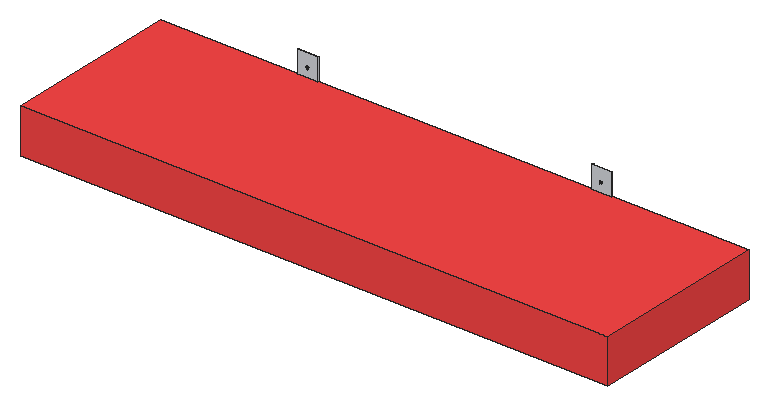
Revit family "VFB_VFB Plus 256-450mm", category Specialty Equipment, Revit 2015
Parameters (values of type "VFB Plus 300.0 x 75.0 x 1000mm")
  Youtube Clip = "https://www.youtube.com/watch?v=VjsuebgyjI8&vl=en-GB"
  Width = 300 mm
  URL = "https://www.tenmat.com/passive-fire-protection/"
  Tenmat Item Number = "I102MP30000075100000"
  Seal Type = "VFB Plus 344"
  Performance = "BS EN 1366-3:2009 & BS 476, ETA-12/0332, 1224-CPR-0341, CE Marked"
  Material/Grade = "Firefly 102"
  Manufacturer = "Tenmat ltd"
  Length = 1000 mm
  IFC Classification = "Building Element Proxy"
  Description = "Firefly 102 Ventilated Fire Barrier"
  Depth = 75 mm
Types (194, lengths in mm): name | Width | Tenmat Item Number | Seal Type
  VFB Plus 256.0 x 75.0 x 1000mm | 256 | "I102MP25600075100000" | "VFB Plus 300"
  VFB Plus 257.0 x 75.0 x 1000mm | 257 | "I102MP25700075100000" | "VFB Plus 301"
  VFB Plus 258.0 x 75.0 x 1000mm | 258 | "I102MP25800075100000" | "VFB Plus 302"
  VFB Plus 259.0 x 75.0 x 1000mm | 259 | "I102MP25900075100000" | "VFB Plus 303"
  VFB Plus 260.0 x 75.0 x 1000mm | 260 | "I102MP26000075100000" | "VFB Plus 304"
  VFB Plus 261.0 x 75.0 x 1000mm | 261 | "I102MP26100075100000" | "VFB Plus 305"
  VFB Plus 262.0 x 75.0 x 1000mm | 262 | "I102MP07500075100000\r\nI102MP26200075100000" | "VFB Plus 306"
  VFB Plus 263.0 x 75.0 x 1000mm | 263 | "I102MP26300075100000" | "VFB Plus 307"
  VFB Plus 264.0 x 75.0 x 1000mm | 264 | "I102MP26400075100000" | "VFB Plus 308"
  VFB Plus 265.0 x 75.0 x 1000mm | 265 | "I102MP26500075100000" | "VFB Plus 309"
  VFB Plus 266.0 x 75.0 x 1000mm | 266 | "I102MP26600075100000" | "VFB Plus 310"
  VFB Plus 267.0 x 75.0 x 1000mm | 267 | "I102MP26700075100000\r\nI102MP01600075100000" | "VFB Plus 311"
  VFB Plus 268.0 x 75.0 x 1000mm | 268 | "I102MP26800075100000" | "VFB Plus 312"
  VFB Plus 269.0 x 75.0 x 1000mm | 269 | "I102MP26900075100000" | "VFB Plus 313"
  VFB Plus 270.0 x 75.0 x 1000mm | 270 | "I102MP27000075100000" | "VFB Plus 314"
  VFB Plus 271.0 x 75.0 x 1000mm | 271 | "I102MP27100075100000" | "VFB Plus 315"
  VFB Plus 272.0 x 75.0 x 1000mm | 272 | "I102MP27200075100000" | "VFB Plus 316"
  VFB Plus 273.0 x 75.0 x 1000mm | 273 | "I102MP27300075100000" | "VFB Plus 317"
  VFB Plus 274.0 x 75.0 x 1000mm | 274 | "I102MP27400075100000" | "VFB Plus 318"
  VFB Plus 275.0 x 75.0 x 1000mm | 275 | "I102MP27500075100000" | "VFB Plus 319"
  VFB Plus 276.0 x 75.0 x 1000mm | 276 | "I102MP27600075100000" | "VFB Plus 320"
  VFB Plus 277.0 x 75.0 x 1000mm | 277 | "I102MP27700075100000" | "VFB Plus 321"
  VFB Plus 278.0 x 75.0 x 1000mm | 278 | "I102MP27800075100000" | "VFB Plus 322"
  VFB Plus 279.0 x 75.0 x 1000mm | 279 | "I102MP27900075100000" | "VFB Plus 323"
  VFB Plus 280.0 x 75.0 x 1000mm | 280 | "I102MP28000075100000" | "VFB Plus 324"
  VFB Plus 281.0 x 75.0 x 1000mm | 281 | "I102MP28100075100000" | "VFB Plus 325"
  VFB Plus 282.0 x 75.0 x 1000mm | 282 | "I102MP28200075100000" | "VFB Plus 326"
  VFB Plus 283.0 x 75.0 x 1000mm | 283 | "I102MP28300075100000" | "VFB Plus 327"
  VFB Plus 284.0 x 75.0 x 1000mm | 284 | "I102MP28400075100000" | "VFB Plus 328"
  VFB Plus 285.0 x 75.0 x 1000mm | 285 | "I102MP28500075100000" | "VFB Plus 329"
  VFB Plus 286.0 x 75.0 x 1000mm | 286 | "I102MP28600075100000" | "VFB Plus 330"
  VFB Plus 287.0 x 75.0 x 1000mm | 287 | "I102MP28700075100000" | "VFB Plus 331"
  VFB Plus 288.0 x 75.0 x 1000mm | 288 | "I102MP28800075100000" | "VFB Plus 332"
  VFB Plus 289.0 x 75.0 x 1000mm | 289 | "I102MP28900075100000" | "VFB Plus 333"
  VFB Plus 290.0 x 75.0 x 1000mm | 290 | "I102MP29000075100000" | "VFB Plus 334"
  VFB Plus 291.0 x 75.0 x 1000mm | 291 | "I102MP29100075100000" | "VFB Plus 335"
  VFB Plus 292.0 x 75.0 x 1000mm | 292 | "I102MP29200075100000" | "VFB Plus 336"
  VFB Plus 293.0 x 75.0 x 1000mm | 293 | "I102MP29300075100000" | "VFB Plus 337"
  VFB Plus 294.0 x 75.0 x 1000mm | 294 | "I102MP29400075100000" | "VFB Plus 338"
  VFB Plus 295.0 x 75.0 x 1000mm | 295 | "I102MP29500075100000" | "VFB Plus 339"
  VFB Plus 296.0 x 75.0 x 1000mm | 296 | "I102MP29600075100000" | "VFB Plus 340"
  VFB Plus 297.0 x 75.0 x 1000mm | 297 | "I102MP29700075100000" | "VFB Plus 341"
  VFB Plus 298.0 x 75.0 x 1000mm | 298 | "I102MP29800075100000" | "VFB Plus 342"
  VFB Plus 299.0 x 75.0 x 1000mm | 299 | "I102MP29900075100000" | "VFB Plus 343"
  VFB Plus 300.0 x 75.0 x 1000mm | 300 | "I102MP30000075100000" | "VFB Plus 344"
  VFB Plus 301.0 x 75.0 x 1000mm | 301 | "I102MP30100075100000" | "VFB Plus 345"
  VFB Plus 302.0 x 75.0 x 1000mm | 302 | "I102MP30200075100000" | "VFB Plus 346"
  VFB Plus 303.0 x 75.0 x 1000mm | 303 | "I102MP30300075100000" | "VFB Plus 347"
  VFB Plus 304.0 x 75.0 x 1000mm | 304 | "I102MP30400075100000" | "VFB Plus 348"
  VFB Plus 305.0 x 75.0 x 1000mm | 305 | "I102MP30500075100000" | "VFB Plus 349"
  VFB Plus 306.0 x 75.0 x 1000mm | 306 | "I102MP30600075100000" | "VFB Plus 350"
  VFB Plus 307.0 x 75.0 x 1000mm | 307 | "I102MP30700075100000" | "VFB Plus 351"
  VFB Plus 308.0 x 75.0 x 1000mm | 308 | "I102MP30800075100000" | "VFB Plus 352"
  VFB Plus 309.0 x 75.0 x 1000mm | 309 | "I102MP30900075100000\r\nI102MP01600075100000" | "VFB Plus 353"
  VFB Plus 310.0 x 75.0 x 1000mm | 310 | "I102MP31000075100000" | "VFB Plus 354"
  VFB Plus 311.0 x 75.0 x 1000mm | 311 | "I102MP31100075100000" | "VFB Plus 355"
  VFB Plus 312.0 x 75.0 x 1000mm | 312 | "I102MP31200075100000" | "VFB Plus 356"
  VFB Plus 313.0 x 75.0 x 1000mm | 313 | "I102MP31300075100000" | "VFB Plus 357"
  VFB Plus 314.0 x 75.0 x 1000mm | 314 | "I102MP31400075100000" | "VFB Plus 358"
  VFB Plus 315.0 x 75.0 x 1000mm | 315 | "I102MP31500075100000" | "VFB Plus 359"
  VFB Plus 316.0 x 75.0 x 1000mm | 316 | "I102MP31600075100000" | "VFB Plus 360"
  VFB Plus 317.0 x 75.0 x 1000mm | 317 | "I102MP31700075100000" | "VFB Plus 361"
  VFB Plus 318.0 x 75.0 x 1000mm | 318 | "I102MP31800075100000" | "VFB Plus 362"
  VFB Plus 319.0 x 75.0 x 1000mm | 319 | "I102MP31900075100000" | "VFB Plus 363"
  VFB Plus 320.0 x 75.0 x 1000mm | 320 | "I102MP32000075100000" | "VFB Plus 364"
  VFB Plus 321.0 x 75.0 x 1000mm | 321 | "I102MP32100075100000" | "VFB Plus 365"
  VFB Plus 322.0 x 75.0 x 1000mm | 322 | "I102MP32200075100000" | "VFB Plus 366"
  VFB Plus 323.0 x 75.0 x 1000mm | 323 | "I102MP32300075100000" | "VFB Plus 367"
  VFB Plus 324.0 x 75.0 x 1000mm | 324 | "I102MP32400075100000" | "VFB Plus 368"
  VFB Plus 325.0 x 75.0 x 1000mm | 325 | "I102MP32500075100000" | "VFB Plus 369"
  VFB Plus 326.0 x 75.0 x 1000mm | 326 | "I102MP32600075100000" | "VFB Plus 370"
  VFB Plus 327.0 x 75.0 x 1000mm | 327 | "I102MP32700075100000" | "VFB Plus 371"
  VFB Plus 328.0 x 75.0 x 1000mm | 328 | "I102MP32800075100000" | "VFB Plus 372"
  VFB Plus 329.0 x 75.0 x 1000mm | 329 | "I102MP32900075100000" | "VFB Plus 373"
  VFB Plus 330.0 x 75.0 x 1000mm | 330 | "I102MP33000075100000" | "VFB Plus 374"
  VFB Plus 331.0 x 75.0 x 1000mm | 331 | "I102MP33100075100000" | "VFB Plus 375"
  VFB Plus 332.0 x 75.0 x 1000mm | 332 | "I102MP33200075100000\r\nI102MP01600075100000" | "VFB Plus 376"
  VFB Plus 333.0 x 75.0 x 1000mm | 333 | "I102MP33300075100000" | "VFB Plus 377"
  VFB Plus 334.0 x 75.0 x 1000mm | 334 | "I102MP33400075100000" | "VFB Plus 378"
  VFB Plus 335.0 x 75.0 x 1000mm | 335 | "I102MP33500075100000" | "VFB Plus 379"
  VFB Plus 336.0 x 75.0 x 1000mm | 336 | "I102MP33600075100000" | "VFB Plus 380"
  VFB Plus 337.0 x 75.0 x 1000mm | 337 | "I102MP33700075100000" | "VFB Plus 381"
  VFB Plus 338.0 x 75.0 x 1000mm | 338 | "I102MP33800075100000" | "VFB Plus 382"
  VFB Plus 339.0 x 75.0 x 1000mm | 339 | "I102MP33900075100000" | "VFB Plus 383"
  VFB Plus 340.0 x 75.0 x 1000mm | 340 | "I102MP34000075100000" | "VFB Plus 384"
  VFB Plus 341.0 x 75.0 x 1000mm | 341 | "I102MP34100075100000" | "VFB Plus 385"
  VFB Plus 342.0 x 75.0 x 1000mm | 342 | "I102MP34200075100000" | "VFB Plus 386"
  VFB Plus 343.0 x 75.0 x 1000mm | 343 | "I102MP34300075100000" | "VFB Plus 387"
  VFB Plus 344.0 x 75.0 x 1000mm | 344 | "I102MP34400075100000" | "VFB Plus 388"
  VFB Plus 345.0 x 75.0 x 1000mm | 345 | "I102MP34500075100000" | "VFB Plus 389"
  VFB Plus 346.0 x 75.0 x 1000mm | 346 | "I102MP34600075100000" | "VFB Plus 390"
  VFB Plus 347.0 x 75.0 x 1000mm | 347 | "I102MP34700075100000" | "VFB Plus 391"
  VFB Plus 348.0 x 75.0 x 1000mm | 348 | "I102MP34800075100000" | "VFB Plus 392"
  VFB Plus 349.0 x 75.0 x 1000mm | 349 | "I102MP34900075100000" | "VFB Plus 393"
  VFB Plus 350.0 x 75.0 x 1000mm | 350 | "I102MP35000075100000" | "VFB Plus 394"
  VFB Plus 351.0 x 75.0 x 1000mm | 351 | "I102MP35100075100000" | "VFB Plus 395"
  VFB Plus 352.0 x 75.0 x 1000mm | 352 | "I102MP35200075100000" | "VFB Plus 396"
  VFB Plus 353.0 x 75.0 x 1000mm | 353 | "I102MP35300075100000" | "VFB Plus 397"
  VFB Plus 354.0 x 75.0 x 1000mm | 354 | "I102MP35400075100000" | "VFB Plus 398"
  VFB Plus 355.0 x 75.0 x 1000mm | 355 | "I102MP35500075100000" | "VFB Plus 399"
  VFB Plus 356.0 x 75.0 x 1000mm | 356 | "I102MP35600075100000" | "VFB Plus 400"
  VFB Plus 357.0 x 75.0 x 1000mm | 357 | "I102MP35700075100000" | "VFB Plus 401"
  VFB Plus 358.0 x 75.0 x 1000mm | 358 | "I102MP35800075100000" | "VFB Plus 402"
  VFB Plus 359.0 x 75.0 x 1000mm | 359 | "I102MP35900075100000" | "VFB Plus 403"
  VFB Plus 360.0 x 75.0 x 1000mm | 360 | "I102MP36000075100000" | "VFB Plus 404"
  VFB Plus 361.0 x 75.0 x 1000mm | 361 | "I102MP36100075100000" | "VFB Plus 405"
  VFB Plus 362.0 x 75.0 x 1000mm | 362 | "I102MP36200075100000" | "VFB Plus 406"
  VFB Plus 363.0 x 75.0 x 1000mm | 363 | "I102MP36300075100000" | "VFB Plus 407"
  VFB Plus 364.0 x 75.0 x 1000mm | 364 | "I102MP36400075100000" | "VFB Plus 408"
  VFB Plus 365.0 x 75.0 x 1000mm | 365 | "I102MP36500075100000" | "VFB Plus 409"
  VFB Plus 366.0 x 75.0 x 1000mm | 366 | "I102MP36600075100000" | "VFB Plus 410"
  VFB Plus 367.0 x 75.0 x 1000mm | 367 | "I102MP36700075100000" | "VFB Plus 411"
  VFB Plus 368.0 x 75.0 x 1000mm | 368 | "I102MP36800075100000" | "VFB Plus 412"
  VFB Plus 369.0 x 75.0 x 1000mm | 369 | "I102MP36900075100000" | "VFB Plus 413"
  VFB Plus 370.0 x 75.0 x 1000mm | 370 | "I102MP37000075100000" | "VFB Plus 414"
  VFB Plus 371.0 x 75.0 x 1000mm | 371 | "I102MP37100075100000" | "VFB Plus 415"
  VFB Plus 372.0 x 75.0 x 1000mm | 372 | "I102MP37200075100000" | "VFB Plus 416"
  VFB Plus 374.0 x 75.0 x 1000mm | 374 | "I102MP37400075100000" | "VFB Plus 417"
  VFB Plus 375.0 x 75.0 x 1000mm | 375 | "I102MP37500075100000" | "VFB Plus 418"
  VFB Plus 376.0 x 75.0 x 1000mm | 376 | "I102MP37600075100000" | "VFB Plus 419"
  VFB Plus 377.0 x 75.0 x 1000mm | 377 | "I102MP37700075100000" | "VFB Plus 420"
  VFB Plus 378.0 x 75.0 x 1000mm | 378 | "I102MP37800075100000" | "VFB Plus 421"
  VFB Plus 379.0 x 75.0 x 1000mm | 379 | "I102MP37900075100000" | "VFB Plus 422"
  VFB Plus 380.0 x 75.0 x 1000mm | 380 | "I102MP38000075100000" | "VFB Plus 422"
  VFB Plus 381.0 x 75.0 x 1000mm | 381 | "I102MP38100075100000" | "VFB Plus 423"
  VFB Plus 382.0 x 75.0 x 1000mm | 382 | "I102MP38200075100000" | "VFB Plus 424"
  VFB Plus 383.0 x 75.0 x 1000mm | 383 | "I102MP38300075100000" | "VFB Plus 425"
  VFB Plus 384.0 x 75.0 x 1000mm | 384 | "I102MP38400075100000" | "VFB Plus 426"
  VFB Plus 385.0 x 75.0 x 1000mm | 385 | "I102MP38500075100000" | "VFB Plus 427"
  VFB Plus 386.0 x 75.0 x 1000mm | 386 | "I102MP38600075100000" | "VFB Plus 428"
  VFB Plus 387.0 x 75.0 x 1000mm | 387 | "I102MP38700075100000" | "VFB Plus 429"
  VFB Plus 388.0 x 75.0 x 1000mm | 388 | "I102MP38800075100000\r\nI102MP01600075100000" | "VFB Plus 430"
  VFB Plus 389.0 x 75.0 x 1000mm | 389 | "I102MP38900075100000" | "VFB Plus 431"
  VFB Plus 390.0 x 75.0 x 1000mm | 390 | "I102MP39000075100000" | "VFB Plus 432"
  VFB Plus 391.0 x 75.0 x 1000mm | 391 | "I102MP39100075100000" | "VFB Plus 433"
  VFB Plus 392.0 x 75.0 x 1000mm | 392 | "I102MP39200075100000" | "VFB Plus 434"
  VFB Plus 393.0 x 75.0 x 1000mm | 393 | "I102MP39300075100000" | "VFB Plus 435"
  VFB Plus 394.0 x 75.0 x 1000mm | 394 | "I102MP39400075100000" | "VFB Plus 435"
  VFB Plus 395.0 x 75.0 x 1000mm | 395 | "I102MP39500075100000" | "VFB Plus 436"
  VFB Plus 396.0 x 75.0 x 1000mm | 396 | "I102MP39600075100000" | "VFB Plus 437"
  VFB Plus 397.0 x 75.0 x 1000mm | 397 | "I102MP39700075100000" | "VFB Plus 438"
  VFB Plus 398.0 x 75.0 x 1000mm | 398 | "I102MP39800075100000" | "VFB Plus 439"
  VFB Plus 399.0 x 75.0 x 1000mm | 399 | "I102MP39900075100000" | "VFB Plus 440"
  VFB Plus 400.0 x 75.0 x 1000mm | 400 | "I102MP40000075100000" | "VFB Plus 441"
  VFB Plus 401.0 x 75.0 x 1000mm | 401 | "I102MP40100075100000" | "VFB Plus 442"
  VFB Plus 402.0 x 75.0 x 1000mm | 402 | "I102MP40200075100000" | "VFB Plus 443"
  VFB Plus 403.0 x 75.0 x 1000mm | 403 | "I102MP40300075100000" | "VFB Plus 444"
  VFB Plus 404.0 x 75.0 x 1000mm | 405 | "I102MP40500075100000" | "VFB Plus 445"
  VFB Plus 405.0 x 75.0 x 1000mm | 405 | "I102MP40500075100000" | "VFB Plus 446"
  VFB Plus 406.0 x 75.0 x 1000mm | 406 | "I102MP40600075100000" | "VFB Plus 447"
  VFB Plus 407.0 x 75.0 x 1000mm | 407 | "I102MP40700075100000" | "VFB Plus 448"
  VFB Plus 408.0 x 75.0 x 1000mm | 408 | "I102MP40800075100000" | "VFB Plus 449"
  VFB Plus 409.0 x 75.0 x 1000mm | 409 | "I102MP40900075100000" | "VFB Plus 450"
  VFB Plus 410.0 x 75.0 x 1000mm | 410 | "I102MP41000075100000" | "VFB Plus 451"
  VFB Plus 411.0 x 75.0 x 1000mm | 411 | "I102MP41100075100000" | "VFB Plus 452"
  VFB Plus 412.0 x 75.0 x 1000mm | 412 | "I102MP41200075100000" | "VFB Plus 453"
  VFB Plus 413.0 x 75.0 x 1000mm | 413 | "I102MP41300075100000" | "VFB Plus 454"
  VFB Plus 414.0 x 75.0 x 1000mm | 414 | "I102MP41400075100000" | "VFB Plus 455"
  VFB Plus 415.0 x 75.0 x 1000mm | 415 | "I102MP41500075100000" | "VFB Plus 456"
  VFB Plus 416.0 x 75.0 x 1000mm | 416 | "I102MP41600075100000" | "VFB Plus 457"
  VFB Plus 417.0 x 75.0 x 1000mm | 417 | "I102MP41700075100000" | "VFB Plus 458"
  VFB Plus 418.0 x 75.0 x 1000mm | 418 | "I102MP41800075100000" | "VFB Plus 459"
  VFB Plus 419.0 x 75.0 x 1000mm | 419 | "I102MP41900075100000" | "VFB Plus 460"
  VFB Plus 420.0 x 75.0 x 1000mm | 420 | "I102MP42000075100000" | "VFB Plus 461"
  VFB Plus 421.0 x 75.0 x 1000mm | 421 | "I102MP42100075100000" | "VFB Plus 462"
  VFB Plus 422.0 x 75.0 x 1000mm | 422 | "I102MP42200075100000" | "VFB Plus 463"
  VFB Plus 423.0 x 75.0 x 1000mm | 423 | "I102MP42300075100000" | "VFB Plus 464"
  VFB Plus 424.0 x 75.0 x 1000mm | 424 | "I102MP42400075100000" | "VFB Plus 465"
  VFB Plus 425.0 x 75.0 x 1000mm | 425 | "I102MP42500075100000" | "VFB Plus 466"
  VFB Plus 426.0 x 75.0 x 1000mm | 426 | "I102MP42600075100000" | "VFB Plus 467"
  VFB Plus 427.0 x 75.0 x 1000mm | 427 | "I102MP42700075100000" | "VFB Plus 468"
  VFB Plus 428.0 x 75.0 x 1000mm | 428 | "I102MP42800075100000" | "VFB Plus 469"
  VFB Plus 429.0 x 75.0 x 1000mm | 429 | "I102MP42900075100000" | "VFB Plus 470"
  VFB Plus 430.0 x 75.0 x 1000mm | 430 | "I102MP43000075100000" | "VFB Plus 471"
  VFB Plus 431.0 x 75.0 x 1000mm | 431 | "I102MP43100075100000" | "VFB Plus 472"
  VFB Plus 432.0 x 75.0 x 1000mm | 432 | "I102MP43200075100000" | "VFB Plus 473"
  VFB Plus 433.0 x 75.0 x 1000mm | 433 | "I102MP43300075100000" | "VFB Plus 474"
  VFB Plus 434.0 x 75.0 x 1000mm | 434 | "I102MP43400075100000" | "VFB Plus 475"
  VFB Plus 435.0 x 75.0 x 1000mm | 435 | "I102MP43500075100000" | "VFB Plus 476"
  VFB Plus 436.0 x 75.0 x 1000mm | 436 | "I102MP43600075100000" | "VFB Plus 477"
  VFB Plus 437.0 x 75.0 x 1000mm | 437 | "I102MP43700075100000" | "VFB Plus 478"
  VFB Plus 438.0 x 75.0 x 1000mm | 438 | "I102MP43800075100000" | "VFB Plus 479"
  VFB Plus 439.0 x 75.0 x 1000mm | 439 | "I102MP43900075100000" | "VFB Plus 480"
  VFB Plus 440.0 x 75.0 x 1000mm | 440 | "I102MP44000075100000" | "VFB Plus 481"
  VFB Plus 441.0 x 75.0 x 1000mm | 441 | "I102MP44100075100000" | "VFB Plus 482"
  VFB Plus 442.0 x 75.0 x 1000mm | 442 | "I102MP44200075100000" | "VFB Plus 483"
  VFB Plus 443.0 x 75.0 x 1000mm | 443 | "I102MP44300075100000\r\nI102MP01600075100000" | "VFB Plus 484"
  VFB Plus 444.0 x 75.0 x 1000mm | 444 | "I102MP44400075100000" | "VFB Plus 485"
  VFB Plus 445.0 x 75.0 x 1000mm | 445 | "I102MP44500075100000" | "VFB Plus 486"
  VFB Plus 446.0 x 75.0 x 1000mm | 446 | "I102MP44600075100000" | "VFB Plus 487"
  VFB Plus 447.0 x 75.0 x 1000mm | 447 | "I102MP44700075100000\r\nI102MP01600075100000" | "VFB Plus 488"
  VFB Plus 448.0 x 75.0 x 1000mm | 448 | "I102MP44800075100000" | "VFB Plus 489"
  VFB Plus 449.0 x 75.0 x 1000mm | 449 | "I102MP44900075100000" | "VFB Plus 490"
  VFB Plus 450.0 x 75.0 x 1000mm | 450 | "I102MP45000075100000" | "VFB Plus 491"
Reference planes
  plane 1 "Center (Front/Back)": y = 0
  plane 2: z = 0
  plane 3 "Center (Left/Right)": x = 0
  plane 4: x = -500
  plane 5: y = 150
  plane 6: x = 500
  plane 7: y = -150
  plane 8: z = 75
  plane 9: x = -250
  plane 10: x = 250
  plane 11: z = 37.5
Forms (mm)
  Extrusion 1, solid, material "Tenmat"
    sketch origin (0, 0, 0) x (1, 0, 0) y (0, 1, 0)
      loop
        line (-500, 150) -> (-500, -150) -> (500, -150) -> (500, 150) -> (-500, 150)
    from 0 to 75
Dimensions and locks
  equal spacing: plane 4, plane 3 "Center (Left/Right)", plane 6
  "Length": plane 4 to plane 6
  equal spacing: plane 5, plane 1 "Center (Front/Back)", plane 7
  "Width": plane 5 to plane 7
  "Depth": plane 8 to plane 2
  aligned and locked: level to plane 2
  aligned and locked: Extrusion 1 to plane 2
  aligned and locked: plane 8 to Extrusion 1
  aligned and locked: plane 5 to Extrusion 1
  aligned and locked: plane 7 to Extrusion 1
  aligned and locked: Extrusion 1 to plane 6
  aligned and locked: Extrusion 1 to plane 4
  aligned and locked: nested 1 to plane 5
  aligned and locked: nested 2 to plane 5
  aligned and locked: nested 1 to plane 11
  aligned and locked: nested 2 to plane 11
Automatic sketch dimensions
  Extrusion 1 sketch curve to plane 4 = 0 mm
  Extrusion 1 sketch curve to plane 6 = 0 mm
  plane 1 "Center (Front/Back)" to Extrusion 1 sketch curve = 150 mm
  Extrusion 1 sketch curve to plane 1 "Center (Front/Back)" = 150 mm
Nested families
  nested 1: "HP Bracket-256mm-450" at (-250, 151.5, 37.5) x (0, -1, 0) z (0, 0, 1), type "HP Bracket-256mm-450"
  nested 2: "HP Bracket-256mm-450" at (250, 151.5, 37.5) x (0, -1, 0) z (0, 0, 1), type "HP Bracket-256mm-450"
Definition of nested family "HP Bracket-256mm-450"
  Reference planes
    plane 1 "Center (Front/Back)": y = 0
    plane 2: z = 0
    plane 3 "Center (Left/Right)": x = 0
    plane 4: x = -75
  Forms (mm)
    Extrusion 1, solid
      sketch origin (0, 0, 0) x (1, 0, 0) y (0, 1, 0)
        loop
          line (0, 17) -> (0, -17) -> (140, -17) -> (200, 17) -> (0, 17)
      from 0 to 1.2
    Extrusion 2, solid
      sketch origin (0, 0, 0) x (0, 1, 0) y (0, 0, 1)
        loop
          line (17, 0) -> (17, 75) -> (-17, 75) -> (-17, 0) -> (17, 0)
        loop
          circle (0, 53) r 3
        loop
          circle (0, 22) r 3
      from 0 to 1.5
  Cuts and joins
    joined: Extrusion 1, Extrusion 2
  Dimensions and locks
    aligned and locked: level to plane 2
